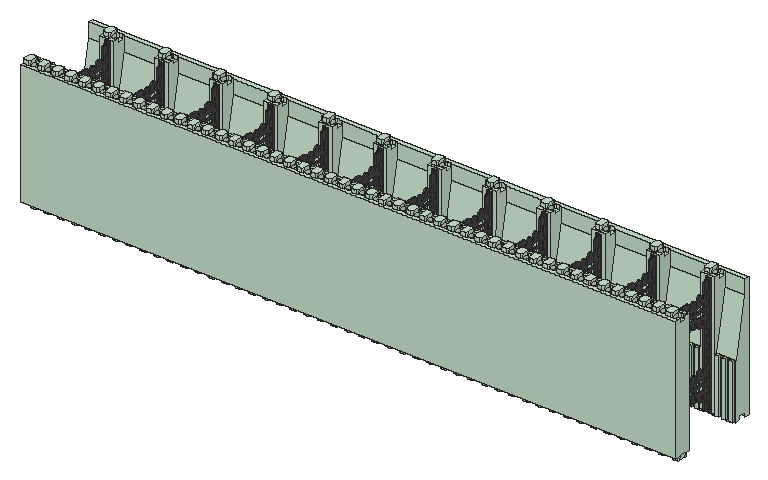
Revit family "ICF- NUDURA 8-inch- Single Sided Taper Top Form Unit- Imperial", category Generic Models, Revit 2011 (continued)
Forms (in)
  Extrusion 106, void
    sketch origin (90, -2, 0) x (-1, 0, 0) y (0, -1, 0)
      loop
        line (2, 3.97692) -> (2, 4.89808)
        arc (2, 4.89808) -> (1.95215, 5.04517) -> (1.82692, 5.13595) r 0.25
        arc (1.82692, 5.13595) -> (1.5, 5.1875) -> (1.17308, 5.13595) r 1.0625
        arc (1.17308, 5.13595) -> (1.04785, 5.04517) -> (1, 4.89808) r 0.25
    from 0 to 0.5
  Extrusion 107, void
    sketch origin (92, -2, 0) x (-1, 0, 0) y (0, -1, 0)
      loop
        line (1, 4.89808) -> (1, 3.97692)
        arc (1, 3.97692) -> (1.04785, 3.82983) -> (1.17308, 3.73905) r 0.25
        arc (1.17308, 3.73905) -> (1.42092, 3.69045) -> (1.67323, 3.70172) r 1.0625
        arc (1.67323, 3.70172) -> (1.72385, 3.68771) -> (1.74592, 3.64005) r 0.0625
        line (1.74592, 3.64005) -> (1.74592, 3.41845) -> (1.91675, 3.41845) -> (1.91675, 3.76455)
        arc (1.91675, 3.76455) -> (1.92106, 3.78736) -> (1.9334, 3.80702) r 0.0625
        arc (1.9334, 3.80702) -> (1.98276, 3.88568) -> (2, 3.97692) r 0.25
        line (2, 3.97692) -> (2, 4.89808)
        arc (2, 4.89808) -> (1.95215, 5.04517) -> (1.82692, 5.13595) r 0.25
        arc (1.82692, 5.13595) -> (1.5, 5.1875) -> (1.17308, 5.13595) r 1.0625
        arc (1.17308, 5.13595) -> (1.04785, 5.04517) -> (1, 4.89808) r 0.25
    from 0 to 0.5
  Extrusion 108, void
    sketch origin (94, -2, 0) x (-1, 0, 0) y (0, -1, 0)
      loop
        line (1, 4.89808) -> (1, 3.97692)
        arc (1, 3.97692) -> (1.04785, 3.82983) -> (1.17308, 3.73905) r 0.25
        arc (1.17308, 3.73905) -> (1.42092, 3.69045) -> (1.67323, 3.70172) r 1.0625
        arc (1.67323, 3.70172) -> (1.72385, 3.68771) -> (1.74592, 3.64005) r 0.0625
        line (1.74592, 3.64005) -> (1.74592, 3.41845) -> (1.91675, 3.41845) -> (1.91675, 3.76455)
        arc (1.91675, 3.76455) -> (1.92106, 3.78736) -> (1.9334, 3.80702) r 0.0625
        arc (1.9334, 3.80702) -> (1.98276, 3.88568) -> (2, 3.97692) r 0.25
        line (2, 3.97692) -> (2, 4.89808)
        arc (2, 4.89808) -> (1.95215, 5.04517) -> (1.82692, 5.13595) r 0.25
        arc (1.82692, 5.13595) -> (1.5, 5.1875) -> (1.17308, 5.13595) r 1.0625
        arc (1.17308, 5.13595) -> (1.04785, 5.04517) -> (1, 4.89808) r 0.25
    from 0 to 0.5
  Extrusion 109, void
    sketch origin (96, -2, 0) x (-1, 0, 0) y (0, -1, 0)
      loop
        line (1, 4.89808) -> (1, 3.97692)
        arc (1, 3.97692) -> (1.04785, 3.82983) -> (1.17308, 3.73905) r 0.25
        arc (1.17308, 3.73905) -> (1.42092, 3.69045) -> (1.67323, 3.70172) r 1.0625
        arc (1.67323, 3.70172) -> (1.72385, 3.68771) -> (1.74592, 3.64005) r 0.0625
        line (1.74592, 3.64005) -> (1.74592, 3.41845) -> (1.91675, 3.41845) -> (1.91675, 3.76455)
        arc (1.91675, 3.76455) -> (1.92106, 3.78736) -> (1.9334, 3.80702) r 0.0625
        arc (1.9334, 3.80702) -> (1.98276, 3.88568) -> (2, 3.97692) r 0.25
        line (2, 3.97692) -> (2, 4.89808)
        arc (2, 4.89808) -> (1.95215, 5.04517) -> (1.82692, 5.13595) r 0.25
        arc (1.82692, 5.13595) -> (1.5, 5.1875) -> (1.17308, 5.13595) r 1.0625
        arc (1.17308, 5.13595) -> (1.04785, 5.04517) -> (1, 4.89808) r 0.25
    from 0 to 0.5
  Extrusion 110, void
    sketch origin (94, 0, 0) x (1, 0, 0) y (0, 1, 0)
      loop
        line (1, 4.89808) -> (1, 3.97692)
        arc (1, 3.97692) -> (1.04785, 3.82983) -> (1.17308, 3.73905) r 0.25
        arc (1.17308, 3.73905) -> (1.42092, 3.69045) -> (1.67323, 3.70172) r 1.0625
        arc (1.67323, 3.70172) -> (1.72385, 3.68771) -> (1.74592, 3.64005) r 0.0625
        line (1.74592, 3.64005) -> (1.74592, 3.41845) -> (1.91675, 3.41845) -> (1.91675, 3.76455)
        arc (1.91675, 3.76455) -> (1.92106, 3.78736) -> (1.9334, 3.80702) r 0.0625
        arc (1.9334, 3.80702) -> (1.98276, 3.88568) -> (2, 3.97692) r 0.25
        line (2, 3.97692) -> (2, 4.89808)
        arc (2, 4.89808) -> (1.95215, 5.04517) -> (1.82692, 5.13595) r 0.25
        arc (1.82692, 5.13595) -> (1.5, 5.1875) -> (1.17308, 5.13595) r 1.0625
        arc (1.17308, 5.13595) -> (1.04785, 5.04517) -> (1, 4.89808) r 0.25
    from 0 to 0.5
  Extrusion 111, void
    sketch origin (92, 0, 0) x (1, 0, 0) y (0, 1, 0)
      loop
        line (1, 4.89808) -> (1, 3.97692)
        arc (1, 3.97692) -> (1.04785, 3.82983) -> (1.17308, 3.73905) r 0.25
        arc (1.17308, 3.73905) -> (1.42092, 3.69045) -> (1.67323, 3.70172) r 1.0625
        arc (1.67323, 3.70172) -> (1.72385, 3.68771) -> (1.74592, 3.64005) r 0.0625
        line (1.74592, 3.64005) -> (1.74592, 3.41845) -> (1.91675, 3.41845) -> (1.91675, 3.76455)
        arc (1.91675, 3.76455) -> (1.92106, 3.78736) -> (1.9334, 3.80702) r 0.0625
        arc (1.9334, 3.80702) -> (1.98276, 3.88568) -> (2, 3.97692) r 0.25
        line (2, 3.97692) -> (2, 4.89808)
        arc (2, 4.89808) -> (1.95215, 5.04517) -> (1.82692, 5.13595) r 0.25
        arc (1.82692, 5.13595) -> (1.5, 5.1875) -> (1.17308, 5.13595) r 1.0625
        arc (1.17308, 5.13595) -> (1.04785, 5.04517) -> (1, 4.89808) r 0.25
    from 0 to 0.5
  Extrusion 112, void
    sketch origin (90, 0, 0) x (1, 0, 0) y (0, 1, 0)
      loop
        line (1, 4.89808) -> (1, 3.97692)
        arc (1, 3.97692) -> (1.04785, 3.82983) -> (1.17308, 3.73905) r 0.25
        arc (1.17308, 3.73905) -> (1.42092, 3.69045) -> (1.67323, 3.70172) r 1.0625
        arc (1.67323, 3.70172) -> (1.72385, 3.68771) -> (1.74592, 3.64005) r 0.0625
        line (1.74592, 3.64005) -> (1.74592, 3.41845) -> (1.91675, 3.41845) -> (1.91675, 3.76455)
        arc (1.91675, 3.76455) -> (1.92106, 3.78736) -> (1.9334, 3.80702) r 0.0625
        arc (1.9334, 3.80702) -> (1.98276, 3.88568) -> (2, 3.97692) r 0.25
        line (2, 3.97692) -> (2, 4.89808)
        arc (2, 4.89808) -> (1.95215, 5.04517) -> (1.82692, 5.13595) r 0.25
        arc (1.82692, 5.13595) -> (1.5, 5.1875) -> (1.17308, 5.13595) r 1.0625
        arc (1.17308, 5.13595) -> (1.04785, 5.04517) -> (1, 4.89808) r 0.25
    from 0 to 0.5
  Extrusion 113, void
    sketch origin (88, 0, 0) x (1, 0, 0) y (0, 1, 0)
      loop
        line (1, 4.89808) -> (1, 3.97692)
        arc (1, 3.97692) -> (1.04785, 3.82983) -> (1.17308, 3.73905) r 0.25
        arc (1.17308, 3.73905) -> (1.42092, 3.69045) -> (1.67323, 3.70172) r 1.0625
        arc (1.67323, 3.70172) -> (1.72385, 3.68771) -> (1.74592, 3.64005) r 0.0625
        line (1.74592, 3.64005) -> (1.74592, 3.41845) -> (1.91675, 3.41845) -> (1.91675, 3.76455)
        arc (1.91675, 3.76455) -> (1.92106, 3.78736) -> (1.9334, 3.80702) r 0.0625
        arc (1.9334, 3.80702) -> (1.98276, 3.88568) -> (2, 3.97692) r 0.25
        line (2, 3.97692) -> (2, 4.89808)
        arc (2, 4.89808) -> (1.95215, 5.04517) -> (1.82692, 5.13595) r 0.25
        arc (1.82692, 5.13595) -> (1.5, 5.1875) -> (1.17308, 5.13595) r 1.0625
        arc (1.17308, 5.13595) -> (1.04785, 5.04517) -> (1, 4.89808) r 0.25
    from 0 to 0.5
  Extrusion 114, void
    sketch origin (86, 0, 0) x (1, 0, 0) y (0, 1, 0)
      loop
        line (1, 4.89808) -> (1, 3.97692)
        arc (1, 3.97692) -> (1.04785, 3.82983) -> (1.17308, 3.73905) r 0.25
        arc (1.17308, 3.73905) -> (1.42092, 3.69045) -> (1.67323, 3.70172) r 1.0625
        arc (1.67323, 3.70172) -> (1.72385, 3.68771) -> (1.74592, 3.64005) r 0.0625
        line (1.74592, 3.64005) -> (1.74592, 3.41845) -> (1.91675, 3.41845) -> (1.91675, 3.76455)
        arc (1.91675, 3.76455) -> (1.92106, 3.78736) -> (1.9334, 3.80702) r 0.0625
        arc (1.9334, 3.80702) -> (1.98276, 3.88568) -> (2, 3.97692) r 0.25
        line (2, 3.97692) -> (2, 4.89808)
        arc (2, 4.89808) -> (1.95215, 5.04517) -> (1.82692, 5.13595) r 0.25
        arc (1.82692, 5.13595) -> (1.5, 5.1875) -> (1.17308, 5.13595) r 1.0625
        arc (1.17308, 5.13595) -> (1.04785, 5.04517) -> (1, 4.89808) r 0.25
    from 0 to 0.5
  Extrusion 115, void
    sketch origin (84, 0, 0) x (1, 0, 0) y (0, 1, 0)
      loop
        line (1, 4.89808) -> (1, 3.97692)
        arc (1, 3.97692) -> (1.04785, 3.82983) -> (1.17308, 3.73905) r 0.25
        arc (1.17308, 3.73905) -> (1.42092, 3.69045) -> (1.67323, 3.70172) r 1.0625
        arc (1.67323, 3.70172) -> (1.72385, 3.68771) -> (1.74592, 3.64005) r 0.0625
        line (1.74592, 3.64005) -> (1.74592, 3.41845) -> (1.91675, 3.41845) -> (1.91675, 3.76455)
        arc (1.91675, 3.76455) -> (1.92106, 3.78736) -> (1.9334, 3.80702) r 0.0625
        arc (1.9334, 3.80702) -> (1.98276, 3.88568) -> (2, 3.97692) r 0.25
        line (2, 3.97692) -> (2, 4.89808)
        arc (2, 4.89808) -> (1.95215, 5.04517) -> (1.82692, 5.13595) r 0.25
        arc (1.82692, 5.13595) -> (1.5, 5.1875) -> (1.17308, 5.13595) r 1.0625
        arc (1.17308, 5.13595) -> (1.04785, 5.04517) -> (1, 4.89808) r 0.25
    from 0 to 0.5
  Extrusion 116, void
    sketch origin (82, 0, 0) x (1, 0, 0) y (0, 1, 0)
      loop
        line (1, 4.89808) -> (1, 3.97692)
        arc (1, 3.97692) -> (1.04785, 3.82983) -> (1.17308, 3.73905) r 0.25
        arc (1.17308, 3.73905) -> (1.42092, 3.69045) -> (1.67323, 3.70172) r 1.0625
        arc (1.67323, 3.70172) -> (1.72385, 3.68771) -> (1.74592, 3.64005) r 0.0625
        line (1.74592, 3.64005) -> (1.74592, 3.41845) -> (1.91675, 3.41845) -> (1.91675, 3.76455)
        arc (1.91675, 3.76455) -> (1.92106, 3.78736) -> (1.9334, 3.80702) r 0.0625
        arc (1.9334, 3.80702) -> (1.98276, 3.88568) -> (2, 3.97692) r 0.25
        line (2, 3.97692) -> (2, 4.89808)
        arc (2, 4.89808) -> (1.95215, 5.04517) -> (1.82692, 5.13595) r 0.25
        arc (1.82692, 5.13595) -> (1.5, 5.1875) -> (1.17308, 5.13595) r 1.0625
        arc (1.17308, 5.13595) -> (1.04785, 5.04517) -> (1, 4.89808) r 0.25
    from 0 to 0.5
  Extrusion 117, void
    sketch origin (80, 0, 0) x (1, 0, 0) y (0, 1, 0)
      loop
        line (1, 4.89808) -> (1, 3.97692)
        arc (1, 3.97692) -> (1.04785, 3.82983) -> (1.17308, 3.73905) r 0.25
        arc (1.17308, 3.73905) -> (1.42092, 3.69045) -> (1.67323, 3.70172) r 1.0625
        arc (1.67323, 3.70172) -> (1.72385, 3.68771) -> (1.74592, 3.64005) r 0.0625
        line (1.74592, 3.64005) -> (1.74592, 3.41845) -> (1.91675, 3.41845) -> (1.91675, 3.76455)
        arc (1.91675, 3.76455) -> (1.92106, 3.78736) -> (1.9334, 3.80702) r 0.0625
        arc (1.9334, 3.80702) -> (1.98276, 3.88568) -> (2, 3.97692) r 0.25
        line (2, 3.97692) -> (2, 4.89808)
        arc (2, 4.89808) -> (1.95215, 5.04517) -> (1.82692, 5.13595) r 0.25
        arc (1.82692, 5.13595) -> (1.5, 5.1875) -> (1.17308, 5.13595) r 1.0625
        arc (1.17308, 5.13595) -> (1.04785, 5.04517) -> (1, 4.89808) r 0.25
    from 0 to 0.5
  Extrusion 118, void
    sketch origin (78, 0, 0) x (1, 0, 0) y (0, 1, 0)
      loop
        line (1, 4.89808) -> (1, 3.97692)
        arc (1, 3.97692) -> (1.04785, 3.82983) -> (1.17308, 3.73905) r 0.25
        arc (1.17308, 3.73905) -> (1.42092, 3.69045) -> (1.67323, 3.70172) r 1.0625
        arc (1.67323, 3.70172) -> (1.72385, 3.68771) -> (1.74592, 3.64005) r 0.0625
        line (1.74592, 3.64005) -> (1.74592, 3.41845) -> (1.91675, 3.41845) -> (1.91675, 3.76455)
        arc (1.91675, 3.76455) -> (1.92106, 3.78736) -> (1.9334, 3.80702) r 0.0625
        arc (1.9334, 3.80702) -> (1.98276, 3.88568) -> (2, 3.97692) r 0.25
        line (2, 3.97692) -> (2, 4.89808)
        arc (2, 4.89808) -> (1.95215, 5.04517) -> (1.82692, 5.13595) r 0.25
        arc (1.82692, 5.13595) -> (1.5, 5.1875) -> (1.17308, 5.13595) r 1.0625
        arc (1.17308, 5.13595) -> (1.04785, 5.04517) -> (1, 4.89808) r 0.25
    from 0 to 0.5
  Extrusion 119, void
    sketch origin (76, 0, 0) x (1, 0, 0) y (0, 1, 0)
      loop
        line (1, 4.89808) -> (1, 3.97692)
        arc (1, 3.97692) -> (1.04785, 3.82983) -> (1.17308, 3.73905) r 0.25
        arc (1.17308, 3.73905) -> (1.42092, 3.69045) -> (1.67323, 3.70172) r 1.0625
        arc (1.67323, 3.70172) -> (1.72385, 3.68771) -> (1.74592, 3.64005) r 0.0625
        line (1.74592, 3.64005) -> (1.74592, 3.41845) -> (1.91675, 3.41845) -> (1.91675, 3.76455)
        arc (1.91675, 3.76455) -> (1.92106, 3.78736) -> (1.9334, 3.80702) r 0.0625
        arc (1.9334, 3.80702) -> (1.98276, 3.88568) -> (2, 3.97692) r 0.25
        line (2, 3.97692) -> (2, 4.89808)
        arc (2, 4.89808) -> (1.95215, 5.04517) -> (1.82692, 5.13595) r 0.25
        arc (1.82692, 5.13595) -> (1.5, 5.1875) -> (1.17308, 5.13595) r 1.0625
        arc (1.17308, 5.13595) -> (1.04785, 5.04517) -> (1, 4.89808) r 0.25
    from 0 to 0.5
  Extrusion 120, void
    sketch origin (74, 0, 0) x (1, 0, 0) y (0, 1, 0)
      loop
        line (1, 4.89808) -> (1, 3.97692)
        arc (1, 3.97692) -> (1.04785, 3.82983) -> (1.17308, 3.73905) r 0.25
        arc (1.17308, 3.73905) -> (1.42092, 3.69045) -> (1.67323, 3.70172) r 1.0625
        arc (1.67323, 3.70172) -> (1.72385, 3.68771) -> (1.74592, 3.64005) r 0.0625
        line (1.74592, 3.64005) -> (1.74592, 3.41845) -> (1.91675, 3.41845) -> (1.91675, 3.76455)
        arc (1.91675, 3.76455) -> (1.92106, 3.78736) -> (1.9334, 3.80702) r 0.0625
        arc (1.9334, 3.80702) -> (1.98276, 3.88568) -> (2, 3.97692) r 0.25
        line (2, 3.97692) -> (2, 4.89808)
        arc (2, 4.89808) -> (1.95215, 5.04517) -> (1.82692, 5.13595) r 0.25
        arc (1.82692, 5.13595) -> (1.5, 5.1875) -> (1.17308, 5.13595) r 1.0625
        arc (1.17308, 5.13595) -> (1.04785, 5.04517) -> (1, 4.89808) r 0.25
    from 0 to 0.5
  Extrusion 121, void
    sketch origin (72, 0, 0) x (1, 0, 0) y (0, 1, 0)
      loop
        line (1, 4.89808) -> (1, 3.97692)
        arc (1, 3.97692) -> (1.04785, 3.82983) -> (1.17308, 3.73905) r 0.25
        arc (1.17308, 3.73905) -> (1.42092, 3.69045) -> (1.67323, 3.70172) r 1.0625
        arc (1.67323, 3.70172) -> (1.72385, 3.68771) -> (1.74592, 3.64005) r 0.0625
        line (1.74592, 3.64005) -> (1.74592, 3.41845) -> (1.91675, 3.41845) -> (1.91675, 3.76455)
        arc (1.91675, 3.76455) -> (1.92106, 3.78736) -> (1.9334, 3.80702) r 0.0625
        arc (1.9334, 3.80702) -> (1.98276, 3.88568) -> (2, 3.97692) r 0.25
        line (2, 3.97692) -> (2, 4.89808)
        arc (2, 4.89808) -> (1.95215, 5.04517) -> (1.82692, 5.13595) r 0.25
        arc (1.82692, 5.13595) -> (1.5, 5.1875) -> (1.17308, 5.13595) r 1.0625
        arc (1.17308, 5.13595) -> (1.04785, 5.04517) -> (1, 4.89808) r 0.25
    from 0 to 0.5
  Extrusion 122, void
    sketch origin (70, 0, 0) x (1, 0, 0) y (0, 1, 0)
      loop
        line (1, 4.89808) -> (1, 3.97692)
        arc (1, 3.97692) -> (1.04785, 3.82983) -> (1.17308, 3.73905) r 0.25
        arc (1.17308, 3.73905) -> (1.42092, 3.69045) -> (1.67323, 3.70172) r 1.0625
        arc (1.67323, 3.70172) -> (1.72385, 3.68771) -> (1.74592, 3.64005) r 0.0625
        line (1.74592, 3.64005) -> (1.74592, 3.41845) -> (1.91675, 3.41845) -> (1.91675, 3.76455)
        arc (1.91675, 3.76455) -> (1.92106, 3.78736) -> (1.9334, 3.80702) r 0.0625
        arc (1.9334, 3.80702) -> (1.98276, 3.88568) -> (2, 3.97692) r 0.25
        line (2, 3.97692) -> (2, 4.89808)
        arc (2, 4.89808) -> (1.95215, 5.04517) -> (1.82692, 5.13595) r 0.25
        arc (1.82692, 5.13595) -> (1.5, 5.1875) -> (1.17308, 5.13595) r 1.0625
        arc (1.17308, 5.13595) -> (1.04785, 5.04517) -> (1, 4.89808) r 0.25
    from 0 to 0.5
  Extrusion 123, void
    sketch origin (68, 0, 0) x (1, 0, 0) y (0, 1, 0)
      loop
        line (1, 4.89808) -> (1, 3.97692)
        arc (1, 3.97692) -> (1.04785, 3.82983) -> (1.17308, 3.73905) r 0.25
        arc (1.17308, 3.73905) -> (1.42092, 3.69045) -> (1.67323, 3.70172) r 1.0625
        arc (1.67323, 3.70172) -> (1.72385, 3.68771) -> (1.74592, 3.64005) r 0.0625
        line (1.74592, 3.64005) -> (1.74592, 3.41845) -> (1.91675, 3.41845) -> (1.91675, 3.76455)
        arc (1.91675, 3.76455) -> (1.92106, 3.78736) -> (1.9334, 3.80702) r 0.0625
        arc (1.9334, 3.80702) -> (1.98276, 3.88568) -> (2, 3.97692) r 0.25
        line (2, 3.97692) -> (2, 4.89808)
        arc (2, 4.89808) -> (1.95215, 5.04517) -> (1.82692, 5.13595) r 0.25
        arc (1.82692, 5.13595) -> (1.5, 5.1875) -> (1.17308, 5.13595) r 1.0625
        arc (1.17308, 5.13595) -> (1.04785, 5.04517) -> (1, 4.89808) r 0.25
    from 0 to 0.5
  Extrusion 124, void
    sketch origin (66, 0, 0) x (1, 0, 0) y (0, 1, 0)
      loop
        line (1, 4.89808) -> (1, 3.97692)
        arc (1, 3.97692) -> (1.04785, 3.82983) -> (1.17308, 3.73905) r 0.25
        arc (1.17308, 3.73905) -> (1.42092, 3.69045) -> (1.67323, 3.70172) r 1.0625
        arc (1.67323, 3.70172) -> (1.72385, 3.68771) -> (1.74592, 3.64005) r 0.0625
        line (1.74592, 3.64005) -> (1.74592, 3.41845) -> (1.91675, 3.41845) -> (1.91675, 3.76455)
        arc (1.91675, 3.76455) -> (1.92106, 3.78736) -> (1.9334, 3.80702) r 0.0625
        arc (1.9334, 3.80702) -> (1.98276, 3.88568) -> (2, 3.97692) r 0.25
        line (2, 3.97692) -> (2, 4.89808)
        arc (2, 4.89808) -> (1.95215, 5.04517) -> (1.82692, 5.13595) r 0.25
        arc (1.82692, 5.13595) -> (1.5, 5.1875) -> (1.17308, 5.13595) r 1.0625
        arc (1.17308, 5.13595) -> (1.04785, 5.04517) -> (1, 4.89808) r 0.25
    from 0 to 0.5
  Extrusion 125, void
    sketch origin (64, 0, 0) x (1, 0, 0) y (0, 1, 0)
      loop
        line (1, 4.89808) -> (1, 3.97692)
        arc (1, 3.97692) -> (1.04785, 3.82983) -> (1.17308, 3.73905) r 0.25
        arc (1.17308, 3.73905) -> (1.42092, 3.69045) -> (1.67323, 3.70172) r 1.0625
        arc (1.67323, 3.70172) -> (1.72385, 3.68771) -> (1.74592, 3.64005) r 0.0625
        line (1.74592, 3.64005) -> (1.74592, 3.41845) -> (1.91675, 3.41845) -> (1.91675, 3.76455)
        arc (1.91675, 3.76455) -> (1.92106, 3.78736) -> (1.9334, 3.80702) r 0.0625
        arc (1.9334, 3.80702) -> (1.98276, 3.88568) -> (2, 3.97692) r 0.25
        line (2, 3.97692) -> (2, 4.89808)
        arc (2, 4.89808) -> (1.95215, 5.04517) -> (1.82692, 5.13595) r 0.25
        arc (1.82692, 5.13595) -> (1.5, 5.1875) -> (1.17308, 5.13595) r 1.0625
        arc (1.17308, 5.13595) -> (1.04785, 5.04517) -> (1, 4.89808) r 0.25
    from 0 to 0.5
  Extrusion 126, void
    sketch origin (62, 0, 0) x (1, 0, 0) y (0, 1, 0)
      loop
        line (1, 4.89808) -> (1, 3.97692)
        arc (1, 3.97692) -> (1.04785, 3.82983) -> (1.17308, 3.73905) r 0.25
        arc (1.17308, 3.73905) -> (1.42092, 3.69045) -> (1.67323, 3.70172) r 1.0625
        arc (1.67323, 3.70172) -> (1.72385, 3.68771) -> (1.74592, 3.64005) r 0.0625
        line (1.74592, 3.64005) -> (1.74592, 3.41845) -> (1.91675, 3.41845) -> (1.91675, 3.76455)
        arc (1.91675, 3.76455) -> (1.92106, 3.78736) -> (1.9334, 3.80702) r 0.0625
        arc (1.9334, 3.80702) -> (1.98276, 3.88568) -> (2, 3.97692) r 0.25
        line (2, 3.97692) -> (2, 4.89808)
        arc (2, 4.89808) -> (1.95215, 5.04517) -> (1.82692, 5.13595) r 0.25
        arc (1.82692, 5.13595) -> (1.5, 5.1875) -> (1.17308, 5.13595) r 1.0625
        arc (1.17308, 5.13595) -> (1.04785, 5.04517) -> (1, 4.89808) r 0.25
    from 0 to 0.5
  Extrusion 127, void
    sketch origin (60, 0, 0) x (1, 0, 0) y (0, 1, 0)
      loop
        line (1, 4.89808) -> (1, 3.97692)
        arc (1, 3.97692) -> (1.04785, 3.82983) -> (1.17308, 3.73905) r 0.25
        arc (1.17308, 3.73905) -> (1.42092, 3.69045) -> (1.67323, 3.70172) r 1.0625
        arc (1.67323, 3.70172) -> (1.72385, 3.68771) -> (1.74592, 3.64005) r 0.0625
        line (1.74592, 3.64005) -> (1.74592, 3.41845) -> (1.91675, 3.41845) -> (1.91675, 3.76455)
        arc (1.91675, 3.76455) -> (1.92106, 3.78736) -> (1.9334, 3.80702) r 0.0625
        arc (1.9334, 3.80702) -> (1.98276, 3.88568) -> (2, 3.97692) r 0.25
        line (2, 3.97692) -> (2, 4.89808)
        arc (2, 4.89808) -> (1.95215, 5.04517) -> (1.82692, 5.13595) r 0.25
        arc (1.82692, 5.13595) -> (1.5, 5.1875) -> (1.17308, 5.13595) r 1.0625
        arc (1.17308, 5.13595) -> (1.04785, 5.04517) -> (1, 4.89808) r 0.25
    from 0 to 0.5
  Extrusion 128, void
    sketch origin (58, 0, 0) x (1, 0, 0) y (0, 1, 0)
      loop
        line (1, 4.89808) -> (1, 3.97692)
        arc (1, 3.97692) -> (1.04785, 3.82983) -> (1.17308, 3.73905) r 0.25
        arc (1.17308, 3.73905) -> (1.42092, 3.69045) -> (1.67323, 3.70172) r 1.0625
        arc (1.67323, 3.70172) -> (1.72385, 3.68771) -> (1.74592, 3.64005) r 0.0625
        line (1.74592, 3.64005) -> (1.74592, 3.41845) -> (1.91675, 3.41845) -> (1.91675, 3.76455)
        arc (1.91675, 3.76455) -> (1.92106, 3.78736) -> (1.9334, 3.80702) r 0.0625
        arc (1.9334, 3.80702) -> (1.98276, 3.88568) -> (2, 3.97692) r 0.25
        line (2, 3.97692) -> (2, 4.89808)
        arc (2, 4.89808) -> (1.95215, 5.04517) -> (1.82692, 5.13595) r 0.25
        arc (1.82692, 5.13595) -> (1.5, 5.1875) -> (1.17308, 5.13595) r 1.0625
        arc (1.17308, 5.13595) -> (1.04785, 5.04517) -> (1, 4.89808) r 0.25
    from 0 to 0.5
  Extrusion 129, void
    sketch origin (56, 0, 0) x (1, 0, 0) y (0, 1, 0)
      loop
        line (1, 4.89808) -> (1, 3.97692)
        arc (1, 3.97692) -> (1.04785, 3.82983) -> (1.17308, 3.73905) r 0.25
        arc (1.17308, 3.73905) -> (1.42092, 3.69045) -> (1.67323, 3.70172) r 1.0625
        arc (1.67323, 3.70172) -> (1.72385, 3.68771) -> (1.74592, 3.64005) r 0.0625
        line (1.74592, 3.64005) -> (1.74592, 3.41845) -> (1.91675, 3.41845) -> (1.91675, 3.76455)
        arc (1.91675, 3.76455) -> (1.92106, 3.78736) -> (1.9334, 3.80702) r 0.0625
        arc (1.9334, 3.80702) -> (1.98276, 3.88568) -> (2, 3.97692) r 0.25
        line (2, 3.97692) -> (2, 4.89808)
        arc (2, 4.89808) -> (1.95215, 5.04517) -> (1.82692, 5.13595) r 0.25
        arc (1.82692, 5.13595) -> (1.5, 5.1875) -> (1.17308, 5.13595) r 1.0625
        arc (1.17308, 5.13595) -> (1.04785, 5.04517) -> (1, 4.89808) r 0.25
    from 0 to 0.5
  Extrusion 130, void
    sketch origin (54, 0, 0) x (1, 0, 0) y (0, 1, 0)
      loop
        line (1, 4.89808) -> (1, 3.97692)
        arc (1, 3.97692) -> (1.04785, 3.82983) -> (1.17308, 3.73905) r 0.25
        arc (1.17308, 3.73905) -> (1.42092, 3.69045) -> (1.67323, 3.70172) r 1.0625
        arc (1.67323, 3.70172) -> (1.72385, 3.68771) -> (1.74592, 3.64005) r 0.0625
        line (1.74592, 3.64005) -> (1.74592, 3.41845) -> (1.91675, 3.41845) -> (1.91675, 3.76455)
        arc (1.91675, 3.76455) -> (1.92106, 3.78736) -> (1.9334, 3.80702) r 0.0625
        arc (1.9334, 3.80702) -> (1.98276, 3.88568) -> (2, 3.97692) r 0.25
        line (2, 3.97692) -> (2, 4.89808)
        arc (2, 4.89808) -> (1.95215, 5.04517) -> (1.82692, 5.13595) r 0.25
        arc (1.82692, 5.13595) -> (1.5, 5.1875) -> (1.17308, 5.13595) r 1.0625
        arc (1.17308, 5.13595) -> (1.04785, 5.04517) -> (1, 4.89808) r 0.25
    from 0 to 0.5
  Extrusion 131, void
    sketch origin (52, 0, 0) x (1, 0, 0) y (0, 1, 0)
      loop
        line (1, 4.89808) -> (1, 3.97692)
        arc (1, 3.97692) -> (1.04785, 3.82983) -> (1.17308, 3.73905) r 0.25
        arc (1.17308, 3.73905) -> (1.42092, 3.69045) -> (1.67323, 3.70172) r 1.0625
        arc (1.67323, 3.70172) -> (1.72385, 3.68771) -> (1.74592, 3.64005) r 0.0625
        line (1.74592, 3.64005) -> (1.74592, 3.41845) -> (1.91675, 3.41845) -> (1.91675, 3.76455)
        arc (1.91675, 3.76455) -> (1.92106, 3.78736) -> (1.9334, 3.80702) r 0.0625
        arc (1.9334, 3.80702) -> (1.98276, 3.88568) -> (2, 3.97692) r 0.25
        line (2, 3.97692) -> (2, 4.89808)
        arc (2, 4.89808) -> (1.95215, 5.04517) -> (1.82692, 5.13595) r 0.25
        arc (1.82692, 5.13595) -> (1.5, 5.1875) -> (1.17308, 5.13595) r 1.0625
        arc (1.17308, 5.13595) -> (1.04785, 5.04517) -> (1, 4.89808) r 0.25
    from 0 to 0.5
  Extrusion 132, void
    sketch origin (50, 0, 0) x (1, 0, 0) y (0, 1, 0)
      loop
        line (1, 4.89808) -> (1, 3.97692)
        arc (1, 3.97692) -> (1.04785, 3.82983) -> (1.17308, 3.73905) r 0.25
        arc (1.17308, 3.73905) -> (1.42092, 3.69045) -> (1.67323, 3.70172) r 1.0625
        arc (1.67323, 3.70172) -> (1.72385, 3.68771) -> (1.74592, 3.64005) r 0.0625
        line (1.74592, 3.64005) -> (1.74592, 3.41845) -> (1.91675, 3.41845) -> (1.91675, 3.76455)
        arc (1.91675, 3.76455) -> (1.92106, 3.78736) -> (1.9334, 3.80702) r 0.0625
        arc (1.9334, 3.80702) -> (1.98276, 3.88568) -> (2, 3.97692) r 0.25
        line (2, 3.97692) -> (2, 4.89808)
        arc (2, 4.89808) -> (1.95215, 5.04517) -> (1.82692, 5.13595) r 0.25
        arc (1.82692, 5.13595) -> (1.5, 5.1875) -> (1.17308, 5.13595) r 1.0625
        arc (1.17308, 5.13595) -> (1.04785, 5.04517) -> (1, 4.89808) r 0.25
    from 0 to 0.5
  Extrusion 133, void
    sketch origin (48, 0, 0) x (1, 0, 0) y (0, 1, 0)
      loop
        line (1, 4.89808) -> (1, 3.97692)
        arc (1, 3.97692) -> (1.04785, 3.82983) -> (1.17308, 3.73905) r 0.25
        arc (1.17308, 3.73905) -> (1.42092, 3.69045) -> (1.67323, 3.70172) r 1.0625
        arc (1.67323, 3.70172) -> (1.72385, 3.68771) -> (1.74592, 3.64005) r 0.0625
        line (1.74592, 3.64005) -> (1.74592, 3.41845) -> (1.91675, 3.41845) -> (1.91675, 3.76455)
        arc (1.91675, 3.76455) -> (1.92106, 3.78736) -> (1.9334, 3.80702) r 0.0625
        arc (1.9334, 3.80702) -> (1.98276, 3.88568) -> (2, 3.97692) r 0.25
        line (2, 3.97692) -> (2, 4.89808)
        arc (2, 4.89808) -> (1.95215, 5.04517) -> (1.82692, 5.13595) r 0.25
        arc (1.82692, 5.13595) -> (1.5, 5.1875) -> (1.17308, 5.13595) r 1.0625
        arc (1.17308, 5.13595) -> (1.04785, 5.04517) -> (1, 4.89808) r 0.25
    from 0 to 0.5
  Extrusion 134, void
    sketch origin (46, 0, 0) x (1, 0, 0) y (0, 1, 0)
      loop
        line (1, 4.89808) -> (1, 3.97692)
        arc (1, 3.97692) -> (1.04785, 3.82983) -> (1.17308, 3.73905) r 0.25
        arc (1.17308, 3.73905) -> (1.42092, 3.69045) -> (1.67323, 3.70172) r 1.0625
        arc (1.67323, 3.70172) -> (1.72385, 3.68771) -> (1.74592, 3.64005) r 0.0625
        line (1.74592, 3.64005) -> (1.74592, 3.41845) -> (1.91675, 3.41845) -> (1.91675, 3.76455)
        arc (1.91675, 3.76455) -> (1.92106, 3.78736) -> (1.9334, 3.80702) r 0.0625
        arc (1.9334, 3.80702) -> (1.98276, 3.88568) -> (2, 3.97692) r 0.25
        line (2, 3.97692) -> (2, 4.89808)
        arc (2, 4.89808) -> (1.95215, 5.04517) -> (1.82692, 5.13595) r 0.25
        arc (1.82692, 5.13595) -> (1.5, 5.1875) -> (1.17308, 5.13595) r 1.0625
        arc (1.17308, 5.13595) -> (1.04785, 5.04517) -> (1, 4.89808) r 0.25
    from 0 to 0.5
  Extrusion 135, void
    sketch origin (44, 0, 0) x (1, 0, 0) y (0, 1, 0)
      loop
        line (1, 4.89808) -> (1, 3.97692)
        arc (1, 3.97692) -> (1.04785, 3.82983) -> (1.17308, 3.73905) r 0.25
        arc (1.17308, 3.73905) -> (1.42092, 3.69045) -> (1.67323, 3.70172) r 1.0625
        arc (1.67323, 3.70172) -> (1.72385, 3.68771) -> (1.74592, 3.64005) r 0.0625
        line (1.74592, 3.64005) -> (1.74592, 3.41845) -> (1.91675, 3.41845) -> (1.91675, 3.76455)
        arc (1.91675, 3.76455) -> (1.92106, 3.78736) -> (1.9334, 3.80702) r 0.0625
        arc (1.9334, 3.80702) -> (1.98276, 3.88568) -> (2, 3.97692) r 0.25
        line (2, 3.97692) -> (2, 4.89808)
        arc (2, 4.89808) -> (1.95215, 5.04517) -> (1.82692, 5.13595) r 0.25
        arc (1.82692, 5.13595) -> (1.5, 5.1875) -> (1.17308, 5.13595) r 1.0625
        arc (1.17308, 5.13595) -> (1.04785, 5.04517) -> (1, 4.89808) r 0.25
    from 0 to 0.5
  Extrusion 136, void
    sketch origin (42, 0, 0) x (1, 0, 0) y (0, 1, 0)
      loop
        line (1, 4.89808) -> (1, 3.97692)
        arc (1, 3.97692) -> (1.04785, 3.82983) -> (1.17308, 3.73905) r 0.25
        arc (1.17308, 3.73905) -> (1.42092, 3.69045) -> (1.67323, 3.70172) r 1.0625
        arc (1.67323, 3.70172) -> (1.72385, 3.68771) -> (1.74592, 3.64005) r 0.0625
        line (1.74592, 3.64005) -> (1.74592, 3.41845) -> (1.91675, 3.41845) -> (1.91675, 3.76455)
        arc (1.91675, 3.76455) -> (1.92106, 3.78736) -> (1.9334, 3.80702) r 0.0625
        arc (1.9334, 3.80702) -> (1.98276, 3.88568) -> (2, 3.97692) r 0.25
        line (2, 3.97692) -> (2, 4.89808)
        arc (2, 4.89808) -> (1.95215, 5.04517) -> (1.82692, 5.13595) r 0.25
        arc (1.82692, 5.13595) -> (1.5, 5.1875) -> (1.17308, 5.13595) r 1.0625
        arc (1.17308, 5.13595) -> (1.04785, 5.04517) -> (1, 4.89808) r 0.25
    from 0 to 0.5
  Extrusion 137, void
    sketch origin (40, 0, 0) x (1, 0, 0) y (0, 1, 0)
      loop
        line (1, 4.89808) -> (1, 3.97692)
        arc (1, 3.97692) -> (1.04785, 3.82983) -> (1.17308, 3.73905) r 0.25
        arc (1.17308, 3.73905) -> (1.42092, 3.69045) -> (1.67323, 3.70172) r 1.0625
        arc (1.67323, 3.70172) -> (1.72385, 3.68771) -> (1.74592, 3.64005) r 0.0625
        line (1.74592, 3.64005) -> (1.74592, 3.41845) -> (1.91675, 3.41845) -> (1.91675, 3.76455)
        arc (1.91675, 3.76455) -> (1.92106, 3.78736) -> (1.9334, 3.80702) r 0.0625
        arc (1.9334, 3.80702) -> (1.98276, 3.88568) -> (2, 3.97692) r 0.25
        line (2, 3.97692) -> (2, 4.89808)
        arc (2, 4.89808) -> (1.95215, 5.04517) -> (1.82692, 5.13595) r 0.25
        arc (1.82692, 5.13595) -> (1.5, 5.1875) -> (1.17308, 5.13595) r 1.0625
        arc (1.17308, 5.13595) -> (1.04785, 5.04517) -> (1, 4.89808) r 0.25
    from 0 to 0.5
  Extrusion 138, void
    sketch origin (38, 0, 0) x (1, 0, 0) y (0, 1, 0)
      loop
        line (1, 4.89808) -> (1, 3.97692)
        arc (1, 3.97692) -> (1.04785, 3.82983) -> (1.17308, 3.73905) r 0.25
        arc (1.17308, 3.73905) -> (1.42092, 3.69045) -> (1.67323, 3.70172) r 1.0625
        arc (1.67323, 3.70172) -> (1.72385, 3.68771) -> (1.74592, 3.64005) r 0.0625
        line (1.74592, 3.64005) -> (1.74592, 3.41845) -> (1.91675, 3.41845) -> (1.91675, 3.76455)
        arc (1.91675, 3.76455) -> (1.92106, 3.78736) -> (1.9334, 3.80702) r 0.0625
        arc (1.9334, 3.80702) -> (1.98276, 3.88568) -> (2, 3.97692) r 0.25
        line (2, 3.97692) -> (2, 4.89808)
        arc (2, 4.89808) -> (1.95215, 5.04517) -> (1.82692, 5.13595) r 0.25
        arc (1.82692, 5.13595) -> (1.5, 5.1875) -> (1.17308, 5.13595) r 1.0625
        arc (1.17308, 5.13595) -> (1.04785, 5.04517) -> (1, 4.89808) r 0.25
    from 0 to 0.5
  Extrusion 139, void
    sketch origin (36, 0, 0) x (1, 0, 0) y (0, 1, 0)
      loop
        line (1, 4.89808) -> (1, 3.97692)
        arc (1, 3.97692) -> (1.04785, 3.82983) -> (1.17308, 3.73905) r 0.25
        arc (1.17308, 3.73905) -> (1.42092, 3.69045) -> (1.67323, 3.70172) r 1.0625
        arc (1.67323, 3.70172) -> (1.72385, 3.68771) -> (1.74592, 3.64005) r 0.0625
        line (1.74592, 3.64005) -> (1.74592, 3.41845) -> (1.91675, 3.41845) -> (1.91675, 3.76455)
        arc (1.91675, 3.76455) -> (1.92106, 3.78736) -> (1.9334, 3.80702) r 0.0625
        arc (1.9334, 3.80702) -> (1.98276, 3.88568) -> (2, 3.97692) r 0.25
        line (2, 3.97692) -> (2, 4.89808)
        arc (2, 4.89808) -> (1.95215, 5.04517) -> (1.82692, 5.13595) r 0.25
        arc (1.82692, 5.13595) -> (1.5, 5.1875) -> (1.17308, 5.13595) r 1.0625
        arc (1.17308, 5.13595) -> (1.04785, 5.04517) -> (1, 4.89808) r 0.25
    from 0 to 0.5
  Extrusion 140, void
    sketch origin (34, 0, 0) x (1, 0, 0) y (0, 1, 0)
      loop
        line (1, 4.89808) -> (1, 3.97692)
        arc (1, 3.97692) -> (1.04785, 3.82983) -> (1.17308, 3.73905) r 0.25
        arc (1.17308, 3.73905) -> (1.42092, 3.69045) -> (1.67323, 3.70172) r 1.0625
        arc (1.67323, 3.70172) -> (1.72385, 3.68771) -> (1.74592, 3.64005) r 0.0625
        line (1.74592, 3.64005) -> (1.74592, 3.41845) -> (1.91675, 3.41845) -> (1.91675, 3.76455)
        arc (1.91675, 3.76455) -> (1.92106, 3.78736) -> (1.9334, 3.80702) r 0.0625
        arc (1.9334, 3.80702) -> (1.98276, 3.88568) -> (2, 3.97692) r 0.25
        line (2, 3.97692) -> (2, 4.89808)
        arc (2, 4.89808) -> (1.95215, 5.04517) -> (1.82692, 5.13595) r 0.25
        arc (1.82692, 5.13595) -> (1.5, 5.1875) -> (1.17308, 5.13595) r 1.0625
        arc (1.17308, 5.13595) -> (1.04785, 5.04517) -> (1, 4.89808) r 0.25
    from 0 to 0.5
  Extrusion 141, void
    sketch origin (32, 0, 0) x (1, 0, 0) y (0, 1, 0)
      loop
        line (1, 4.89808) -> (1, 3.97692)
        arc (1, 3.97692) -> (1.04785, 3.82983) -> (1.17308, 3.73905) r 0.25
        arc (1.17308, 3.73905) -> (1.42092, 3.69045) -> (1.67323, 3.70172) r 1.0625
        arc (1.67323, 3.70172) -> (1.72385, 3.68771) -> (1.74592, 3.64005) r 0.0625
        line (1.74592, 3.64005) -> (1.74592, 3.41845) -> (1.91675, 3.41845) -> (1.91675, 3.76455)
        arc (1.91675, 3.76455) -> (1.92106, 3.78736) -> (1.9334, 3.80702) r 0.0625
        arc (1.9334, 3.80702) -> (1.98276, 3.88568) -> (2, 3.97692) r 0.25
        line (2, 3.97692) -> (2, 4.89808)
        arc (2, 4.89808) -> (1.95215, 5.04517) -> (1.82692, 5.13595) r 0.25
        arc (1.82692, 5.13595) -> (1.5, 5.1875) -> (1.17308, 5.13595) r 1.0625
        arc (1.17308, 5.13595) -> (1.04785, 5.04517) -> (1, 4.89808) r 0.25
    from 0 to 0.5
  Extrusion 142, void
    sketch origin (30, 0, 0) x (1, 0, 0) y (0, 1, 0)
      loop
        line (1, 4.89808) -> (1, 3.97692)
        arc (1, 3.97692) -> (1.04785, 3.82983) -> (1.17308, 3.73905) r 0.25
        arc (1.17308, 3.73905) -> (1.42092, 3.69045) -> (1.67323, 3.70172) r 1.0625
        arc (1.67323, 3.70172) -> (1.72385, 3.68771) -> (1.74592, 3.64005) r 0.0625
        line (1.74592, 3.64005) -> (1.74592, 3.41845) -> (1.91675, 3.41845) -> (1.91675, 3.76455)
        arc (1.91675, 3.76455) -> (1.92106, 3.78736) -> (1.9334, 3.80702) r 0.0625
        arc (1.9334, 3.80702) -> (1.98276, 3.88568) -> (2, 3.97692) r 0.25
        line (2, 3.97692) -> (2, 4.89808)
        arc (2, 4.89808) -> (1.95215, 5.04517) -> (1.82692, 5.13595) r 0.25
        arc (1.82692, 5.13595) -> (1.5, 5.1875) -> (1.17308, 5.13595) r 1.0625
        arc (1.17308, 5.13595) -> (1.04785, 5.04517) -> (1, 4.89808) r 0.25
    from 0 to 0.5
  Extrusion 143, void
    sketch origin (28, 0, 0) x (1, 0, 0) y (0, 1, 0)
      loop
        line (1, 4.89808) -> (1, 3.97692)
        arc (1, 3.97692) -> (1.04785, 3.82983) -> (1.17308, 3.73905) r 0.25
        arc (1.17308, 3.73905) -> (1.42092, 3.69045) -> (1.67323, 3.70172) r 1.0625
        arc (1.67323, 3.70172) -> (1.72385, 3.68771) -> (1.74592, 3.64005) r 0.0625
        line (1.74592, 3.64005) -> (1.74592, 3.41845) -> (1.91675, 3.41845) -> (1.91675, 3.76455)
        arc (1.91675, 3.76455) -> (1.92106, 3.78736) -> (1.9334, 3.80702) r 0.0625
        arc (1.9334, 3.80702) -> (1.98276, 3.88568) -> (2, 3.97692) r 0.25
        line (2, 3.97692) -> (2, 4.89808)
        arc (2, 4.89808) -> (1.95215, 5.04517) -> (1.82692, 5.13595) r 0.25
        arc (1.82692, 5.13595) -> (1.5, 5.1875) -> (1.17308, 5.13595) r 1.0625
        arc (1.17308, 5.13595) -> (1.04785, 5.04517) -> (1, 4.89808) r 0.25
    from 0 to 0.5
  Extrusion 144, void
    sketch origin (26, 0, 0) x (1, 0, 0) y (0, 1, 0)
      loop
        line (1, 4.89808) -> (1, 3.97692)
        arc (1, 3.97692) -> (1.04785, 3.82983) -> (1.17308, 3.73905) r 0.25
        arc (1.17308, 3.73905) -> (1.42092, 3.69045) -> (1.67323, 3.70172) r 1.0625
        arc (1.67323, 3.70172) -> (1.72385, 3.68771) -> (1.74592, 3.64005) r 0.0625
        line (1.74592, 3.64005) -> (1.74592, 3.41845) -> (1.91675, 3.41845) -> (1.91675, 3.76455)
        arc (1.91675, 3.76455) -> (1.92106, 3.78736) -> (1.9334, 3.80702) r 0.0625
        arc (1.9334, 3.80702) -> (1.98276, 3.88568) -> (2, 3.97692) r 0.25
        line (2, 3.97692) -> (2, 4.89808)
        arc (2, 4.89808) -> (1.95215, 5.04517) -> (1.82692, 5.13595) r 0.25
        arc (1.82692, 5.13595) -> (1.5, 5.1875) -> (1.17308, 5.13595) r 1.0625
        arc (1.17308, 5.13595) -> (1.04785, 5.04517) -> (1, 4.89808) r 0.25
    from 0 to 0.5
  Extrusion 145, void
    sketch origin (24, 0, 0) x (1, 0, 0) y (0, 1, 0)
      loop
        line (1, 4.89808) -> (1, 3.97692)
        arc (1, 3.97692) -> (1.04785, 3.82983) -> (1.17308, 3.73905) r 0.25
        arc (1.17308, 3.73905) -> (1.42092, 3.69045) -> (1.67323, 3.70172) r 1.0625
        arc (1.67323, 3.70172) -> (1.72385, 3.68771) -> (1.74592, 3.64005) r 0.0625
        line (1.74592, 3.64005) -> (1.74592, 3.41845) -> (1.91675, 3.41845) -> (1.91675, 3.76455)
        arc (1.91675, 3.76455) -> (1.92106, 3.78736) -> (1.9334, 3.80702) r 0.0625
        arc (1.9334, 3.80702) -> (1.98276, 3.88568) -> (2, 3.97692) r 0.25
        line (2, 3.97692) -> (2, 4.89808)
        arc (2, 4.89808) -> (1.95215, 5.04517) -> (1.82692, 5.13595) r 0.25
        arc (1.82692, 5.13595) -> (1.5, 5.1875) -> (1.17308, 5.13595) r 1.0625
        arc (1.17308, 5.13595) -> (1.04785, 5.04517) -> (1, 4.89808) r 0.25
    from 0 to 0.5
  Extrusion 146, void
    sketch origin (22, 0, 0) x (1, 0, 0) y (0, 1, 0)
      loop
        line (1, 4.89808) -> (1, 3.97692)
        arc (1, 3.97692) -> (1.04785, 3.82983) -> (1.17308, 3.73905) r 0.25
        arc (1.17308, 3.73905) -> (1.42092, 3.69045) -> (1.67323, 3.70172) r 1.0625
        arc (1.67323, 3.70172) -> (1.72385, 3.68771) -> (1.74592, 3.64005) r 0.0625
        line (1.74592, 3.64005) -> (1.74592, 3.41845) -> (1.91675, 3.41845) -> (1.91675, 3.76455)
        arc (1.91675, 3.76455) -> (1.92106, 3.78736) -> (1.9334, 3.80702) r 0.0625
        arc (1.9334, 3.80702) -> (1.98276, 3.88568) -> (2, 3.97692) r 0.25
        line (2, 3.97692) -> (2, 4.89808)
        arc (2, 4.89808) -> (1.95215, 5.04517) -> (1.82692, 5.13595) r 0.25
        arc (1.82692, 5.13595) -> (1.5, 5.1875) -> (1.17308, 5.13595) r 1.0625
        arc (1.17308, 5.13595) -> (1.04785, 5.04517) -> (1, 4.89808) r 0.25
    from 0 to 0.5
  Extrusion 147, void
    sketch origin (20, 0, 0) x (1, 0, 0) y (0, 1, 0)
      loop
        line (1, 4.89808) -> (1, 3.97692)
        arc (1, 3.97692) -> (1.04785, 3.82983) -> (1.17308, 3.73905) r 0.25
        arc (1.17308, 3.73905) -> (1.42092, 3.69045) -> (1.67323, 3.70172) r 1.0625
        arc (1.67323, 3.70172) -> (1.72385, 3.68771) -> (1.74592, 3.64005) r 0.0625
        line (1.74592, 3.64005) -> (1.74592, 3.41845) -> (1.91675, 3.41845) -> (1.91675, 3.76455)
        arc (1.91675, 3.76455) -> (1.92106, 3.78736) -> (1.9334, 3.80702) r 0.0625
        arc (1.9334, 3.80702) -> (1.98276, 3.88568) -> (2, 3.97692) r 0.25
        line (2, 3.97692) -> (2, 4.89808)
        arc (2, 4.89808) -> (1.95215, 5.04517) -> (1.82692, 5.13595) r 0.25
        arc (1.82692, 5.13595) -> (1.5, 5.1875) -> (1.17308, 5.13595) r 1.0625
        arc (1.17308, 5.13595) -> (1.04785, 5.04517) -> (1, 4.89808) r 0.25
    from 0 to 0.5
  Extrusion 148, void
    sketch origin (18, 0, 0) x (1, 0, 0) y (0, 1, 0)
      loop
        line (1, 4.89808) -> (1, 3.97692)
        arc (1, 3.97692) -> (1.04785, 3.82983) -> (1.17308, 3.73905) r 0.25
        arc (1.17308, 3.73905) -> (1.42092, 3.69045) -> (1.67323, 3.70172) r 1.0625
        arc (1.67323, 3.70172) -> (1.72385, 3.68771) -> (1.74592, 3.64005) r 0.0625
        line (1.74592, 3.64005) -> (1.74592, 3.41845) -> (1.91675, 3.41845) -> (1.91675, 3.76455)
        arc (1.91675, 3.76455) -> (1.92106, 3.78736) -> (1.9334, 3.80702) r 0.0625
        arc (1.9334, 3.80702) -> (1.98276, 3.88568) -> (2, 3.97692) r 0.25
        line (2, 3.97692) -> (2, 4.89808)
        arc (2, 4.89808) -> (1.95215, 5.04517) -> (1.82692, 5.13595) r 0.25
        arc (1.82692, 5.13595) -> (1.5, 5.1875) -> (1.17308, 5.13595) r 1.0625
        arc (1.17308, 5.13595) -> (1.04785, 5.04517) -> (1, 4.89808) r 0.25
    from 0 to 0.5
  Extrusion 149, void
    sketch origin (16, 0, 0) x (1, 0, 0) y (0, 1, 0)
      loop
        line (1, 4.89808) -> (1, 3.97692)
        arc (1, 3.97692) -> (1.04785, 3.82983) -> (1.17308, 3.73905) r 0.25
        arc (1.17308, 3.73905) -> (1.42092, 3.69045) -> (1.67323, 3.70172) r 1.0625
        arc (1.67323, 3.70172) -> (1.72385, 3.68771) -> (1.74592, 3.64005) r 0.0625
        line (1.74592, 3.64005) -> (1.74592, 3.41845) -> (1.91675, 3.41845) -> (1.91675, 3.76455)
        arc (1.91675, 3.76455) -> (1.92106, 3.78736) -> (1.9334, 3.80702) r 0.0625
        arc (1.9334, 3.80702) -> (1.98276, 3.88568) -> (2, 3.97692) r 0.25
        line (2, 3.97692) -> (2, 4.89808)
        arc (2, 4.89808) -> (1.95215, 5.04517) -> (1.82692, 5.13595) r 0.25
        arc (1.82692, 5.13595) -> (1.5, 5.1875) -> (1.17308, 5.13595) r 1.0625
        arc (1.17308, 5.13595) -> (1.04785, 5.04517) -> (1, 4.89808) r 0.25
    from 0 to 0.5
  Extrusion 150, void
    sketch origin (14, 0, 0) x (1, 0, 0) y (0, 1, 0)
      loop
        line (1, 4.89808) -> (1, 3.97692)
        arc (1, 3.97692) -> (1.04785, 3.82983) -> (1.17308, 3.73905) r 0.25
        arc (1.17308, 3.73905) -> (1.42092, 3.69045) -> (1.67323, 3.70172) r 1.0625
        arc (1.67323, 3.70172) -> (1.72385, 3.68771) -> (1.74592, 3.64005) r 0.0625
        line (1.74592, 3.64005) -> (1.74592, 3.41845) -> (1.91675, 3.41845) -> (1.91675, 3.76455)
        arc (1.91675, 3.76455) -> (1.92106, 3.78736) -> (1.9334, 3.80702) r 0.0625
        arc (1.9334, 3.80702) -> (1.98276, 3.88568) -> (2, 3.97692) r 0.25
        line (2, 3.97692) -> (2, 4.89808)
        arc (2, 4.89808) -> (1.95215, 5.04517) -> (1.82692, 5.13595) r 0.25
        arc (1.82692, 5.13595) -> (1.5, 5.1875) -> (1.17308, 5.13595) r 1.0625
        arc (1.17308, 5.13595) -> (1.04785, 5.04517) -> (1, 4.89808) r 0.25
    from 0 to 0.5
  Extrusion 151, void
    sketch origin (12, 0, 0) x (1, 0, 0) y (0, 1, 0)
      loop
        line (1, 4.89808) -> (1, 3.97692)
        arc (1, 3.97692) -> (1.04785, 3.82983) -> (1.17308, 3.73905) r 0.25
        arc (1.17308, 3.73905) -> (1.42092, 3.69045) -> (1.67323, 3.70172) r 1.0625
        arc (1.67323, 3.70172) -> (1.72385, 3.68771) -> (1.74592, 3.64005) r 0.0625
        line (1.74592, 3.64005) -> (1.74592, 3.41845) -> (1.91675, 3.41845) -> (1.91675, 3.76455)
        arc (1.91675, 3.76455) -> (1.92106, 3.78736) -> (1.9334, 3.80702) r 0.0625
        arc (1.9334, 3.80702) -> (1.98276, 3.88568) -> (2, 3.97692) r 0.25
        line (2, 3.97692) -> (2, 4.89808)
        arc (2, 4.89808) -> (1.95215, 5.04517) -> (1.82692, 5.13595) r 0.25
        arc (1.82692, 5.13595) -> (1.5, 5.1875) -> (1.17308, 5.13595) r 1.0625
        arc (1.17308, 5.13595) -> (1.04785, 5.04517) -> (1, 4.89808) r 0.25
    from 0 to 0.5
  Extrusion 152, void
    sketch origin (10, 0, 0) x (1, 0, 0) y (0, 1, 0)
      loop
        line (1, 4.89808) -> (1, 3.97692)
        arc (1, 3.97692) -> (1.04785, 3.82983) -> (1.17308, 3.73905) r 0.25
        arc (1.17308, 3.73905) -> (1.42092, 3.69045) -> (1.67323, 3.70172) r 1.0625
        arc (1.67323, 3.70172) -> (1.72385, 3.68771) -> (1.74592, 3.64005) r 0.0625
        line (1.74592, 3.64005) -> (1.74592, 3.41845) -> (1.91675, 3.41845) -> (1.91675, 3.76455)
        arc (1.91675, 3.76455) -> (1.92106, 3.78736) -> (1.9334, 3.80702) r 0.0625
        arc (1.9334, 3.80702) -> (1.98276, 3.88568) -> (2, 3.97692) r 0.25
        line (2, 3.97692) -> (2, 4.89808)
        arc (2, 4.89808) -> (1.95215, 5.04517) -> (1.82692, 5.13595) r 0.25
        arc (1.82692, 5.13595) -> (1.5, 5.1875) -> (1.17308, 5.13595) r 1.0625
        arc (1.17308, 5.13595) -> (1.04785, 5.04517) -> (1, 4.89808) r 0.25
    from 0 to 0.5
  Extrusion 153, void
    sketch origin (8, 0, 0) x (1, 0, 0) y (0, 1, 0)
      loop
        line (1, 4.89808) -> (1, 3.97692)
        arc (1, 3.97692) -> (1.04785, 3.82983) -> (1.17308, 3.73905) r 0.25
        arc (1.17308, 3.73905) -> (1.42092, 3.69045) -> (1.67323, 3.70172) r 1.0625
        arc (1.67323, 3.70172) -> (1.72385, 3.68771) -> (1.74592, 3.64005) r 0.0625
        line (1.74592, 3.64005) -> (1.74592, 3.41845) -> (1.91675, 3.41845) -> (1.91675, 3.76455)
        arc (1.91675, 3.76455) -> (1.92106, 3.78736) -> (1.9334, 3.80702) r 0.0625
        arc (1.9334, 3.80702) -> (1.98276, 3.88568) -> (2, 3.97692) r 0.25
        line (2, 3.97692) -> (2, 4.89808)
        arc (2, 4.89808) -> (1.95215, 5.04517) -> (1.82692, 5.13595) r 0.25
        arc (1.82692, 5.13595) -> (1.5, 5.1875) -> (1.17308, 5.13595) r 1.0625
        arc (1.17308, 5.13595) -> (1.04785, 5.04517) -> (1, 4.89808) r 0.25
    from 0 to 0.5
  Extrusion 154, void
    sketch origin (6, 0, 0) x (1, 0, 0) y (0, 1, 0)
      loop
        line (1, 4.89808) -> (1, 3.97692)
        arc (1, 3.97692) -> (1.04785, 3.82983) -> (1.17308, 3.73905) r 0.25
        arc (1.17308, 3.73905) -> (1.42092, 3.69045) -> (1.67323, 3.70172) r 1.0625
        arc (1.67323, 3.70172) -> (1.72385, 3.68771) -> (1.74592, 3.64005) r 0.0625
        line (1.74592, 3.64005) -> (1.74592, 3.41845) -> (1.91675, 3.41845) -> (1.91675, 3.76455)
        arc (1.91675, 3.76455) -> (1.92106, 3.78736) -> (1.9334, 3.80702) r 0.0625
        arc (1.9334, 3.80702) -> (1.98276, 3.88568) -> (2, 3.97692) r 0.25
        line (2, 3.97692) -> (2, 4.89808)
        arc (2, 4.89808) -> (1.95215, 5.04517) -> (1.82692, 5.13595) r 0.25
        arc (1.82692, 5.13595) -> (1.5, 5.1875) -> (1.17308, 5.13595) r 1.0625
        arc (1.17308, 5.13595) -> (1.04785, 5.04517) -> (1, 4.89808) r 0.25
    from 0 to 0.5
  Extrusion 155, void
    sketch origin (4, 0, 0) x (1, 0, 0) y (0, 1, 0)
      loop
        line (1, 4.89808) -> (1, 3.97692)
        arc (1, 3.97692) -> (1.04785, 3.82983) -> (1.17308, 3.73905) r 0.25
        arc (1.17308, 3.73905) -> (1.42092, 3.69045) -> (1.67323, 3.70172) r 1.0625
        arc (1.67323, 3.70172) -> (1.72385, 3.68771) -> (1.74592, 3.64005) r 0.0625
        line (1.74592, 3.64005) -> (1.74592, 3.41845) -> (1.91675, 3.41845) -> (1.91675, 3.76455)
        arc (1.91675, 3.76455) -> (1.92106, 3.78736) -> (1.9334, 3.80702) r 0.0625
        arc (1.9334, 3.80702) -> (1.98276, 3.88568) -> (2, 3.97692) r 0.25
        line (2, 3.97692) -> (2, 4.89808)
        arc (2, 4.89808) -> (1.95215, 5.04517) -> (1.82692, 5.13595) r 0.25
        arc (1.82692, 5.13595) -> (1.5, 5.1875) -> (1.17308, 5.13595) r 1.0625
        arc (1.17308, 5.13595) -> (1.04785, 5.04517) -> (1, 4.89808) r 0.25
    from 0 to 0.5
  Extrusion 156, void
    sketch origin (2, 0, 0) x (1, 0, 0) y (0, 1, 0)
      loop
        line (1, 4.89808) -> (1, 3.97692)
        arc (1, 3.97692) -> (1.04785, 3.82983) -> (1.17308, 3.73905) r 0.25
        arc (1.17308, 3.73905) -> (1.42092, 3.69045) -> (1.67323, 3.70172) r 1.0625
        arc (1.67323, 3.70172) -> (1.72385, 3.68771) -> (1.74592, 3.64005) r 0.0625
        line (1.74592, 3.64005) -> (1.74592, 3.41845) -> (1.91675, 3.41845) -> (1.91675, 3.76455)
        arc (1.91675, 3.76455) -> (1.92106, 3.78736) -> (1.9334, 3.80702) r 0.0625
        arc (1.9334, 3.80702) -> (1.98276, 3.88568) -> (2, 3.97692) r 0.25
        line (2, 3.97692) -> (2, 4.89808)
        arc (2, 4.89808) -> (1.95215, 5.04517) -> (1.82692, 5.13595) r 0.25
        arc (1.82692, 5.13595) -> (1.5, 5.1875) -> (1.17308, 5.13595) r 1.0625
        arc (1.17308, 5.13595) -> (1.04785, 5.04517) -> (1, 4.89808) r 0.25
    from 0 to 0.5
  Extrusion 157, void
    sketch origin (0, 0, 0) x (1, 0, 0) y (0, 1, 0)
      loop
        line (1, 4.89808) -> (1, 3.97692)
        arc (1, 3.97692) -> (1.04785, 3.82983) -> (1.17308, 3.73905) r 0.25
        arc (1.17308, 3.73905) -> (1.42092, 3.69045) -> (1.67323, 3.70172) r 1.0625
        arc (1.67323, 3.70172) -> (1.72385, 3.68771) -> (1.74592, 3.64005) r 0.0625
        line (1.74592, 3.64005) -> (1.74592, 3.41845) -> (1.91675, 3.41845) -> (1.91675, 3.76455)
        arc (1.91675, 3.76455) -> (1.92106, 3.78736) -> (1.9334, 3.80702) r 0.0625
        arc (1.9334, 3.80702) -> (1.98276, 3.88568) -> (2, 3.97692) r 0.25
        line (2, 3.97692) -> (2, 4.89808)
        arc (2, 4.89808) -> (1.95215, 5.04517) -> (1.82692, 5.13595) r 0.25
        arc (1.82692, 5.13595) -> (1.5, 5.1875) -> (1.17308, 5.13595) r 1.0625
        arc (1.17308, 5.13595) -> (1.04785, 5.04517) -> (1, 4.89808) r 0.25
    from 0 to 0.5
  Extrusion 158, solid, material "NUDURA Expanded Polystyrene Foam Insulation"
    sketch origin (0, 0, 0) x (0, 1, 0) y (0, 0, 1)
      loop
        line (5.625, 0) -> (5.625, 18) -> (5, 18) -> (5, 15.92857) -> (3.5, 8) -> (3.25, 8) -> (3.25, 0) -> (5.625, 0)
    from 0 to 96
  Extrusion 159, solid, material "NUDURA Expanded Polystyrene Foam Insulation"
    sketch origin (0, 0, 0) x (0, 1, 0) y (0, 0, 1)
      loop
        line (5, 18) -> (3.25, 18) -> (3.25, 8) -> (3.5, 8) -> (5, 15.92857) -> (5, 18)
    from 3 to 5
  Extrusion 160, solid, material "NUDURA Expanded Polystyrene Foam Insulation"
    sketch origin (0, 0, 0) x (0, 1, 0) y (0, 0, 1)
      loop
        line (5, 18) -> (3.25, 18) -> (3.25, 8) -> (3.5, 8) -> (5, 15.92857) -> (5, 18)
    from 11 to 13
  Extrusion 161, solid, material "NUDURA Expanded Polystyrene Foam Insulation"
    sketch origin (0, 0, 0) x (0, 1, 0) y (0, 0, 1)
      loop
        line (5, 18) -> (3.25, 18) -> (3.25, 8) -> (3.5, 8) -> (5, 15.92857) -> (5, 18)
    from 19 to 21
  Extrusion 162, solid, material "NUDURA Expanded Polystyrene Foam Insulation"
    sketch origin (0, 0, 0) x (0, 1, 0) y (0, 0, 1)
      loop
        line (5, 18) -> (3.25, 18) -> (3.25, 8) -> (3.5, 8) -> (5, 15.92857) -> (5, 18)
    from 27 to 29
  Extrusion 163, solid, material "NUDURA Expanded Polystyrene Foam Insulation"
    sketch origin (0, 0, 0) x (0, 1, 0) y (0, 0, 1)
      loop
        line (5, 18) -> (3.25, 18) -> (3.25, 8) -> (3.5, 8) -> (5, 15.92857) -> (5, 18)
    from 35 to 37
  Extrusion 164, solid, material "NUDURA Expanded Polystyrene Foam Insulation"
    sketch origin (0, 0, 0) x (0, 1, 0) y (0, 0, 1)
      loop
        line (5, 18) -> (3.25, 18) -> (3.25, 8) -> (3.5, 8) -> (5, 15.92857) -> (5, 18)
    from 43 to 45
  Extrusion 165, solid, material "NUDURA Expanded Polystyrene Foam Insulation"
    sketch origin (0, 0, 0) x (0, 1, 0) y (0, 0, 1)
      loop
        line (5, 18) -> (3.25, 18) -> (3.25, 8) -> (3.5, 8) -> (5, 15.92857) -> (5, 18)
    from 51 to 53
  Extrusion 166, solid, material "NUDURA Expanded Polystyrene Foam Insulation"
    sketch origin (0, 0, 0) x (0, 1, 0) y (0, 0, 1)
      loop
        line (5, 18) -> (3.25, 18) -> (3.25, 8) -> (3.5, 8) -> (5, 15.92857) -> (5, 18)
    from 59 to 61
  Extrusion 167, solid, material "NUDURA Expanded Polystyrene Foam Insulation"
    sketch origin (0, 0, 0) x (0, 1, 0) y (0, 0, 1)
      loop
        line (5, 18) -> (3.25, 18) -> (3.25, 8) -> (3.5, 8) -> (5, 15.92857) -> (5, 18)
    from 67 to 69
  Extrusion 168, solid, material "NUDURA Expanded Polystyrene Foam Insulation"
    sketch origin (0, 0, 0) x (0, 1, 0) y (0, 0, 1)
      loop
        line (5, 18) -> (3.25, 18) -> (3.25, 8) -> (3.5, 8) -> (5, 15.92857) -> (5, 18)
    from 67 to 69
  Extrusion 169, solid, material "NUDURA Expanded Polystyrene Foam Insulation"
    sketch origin (0, 0, 0) x (0, 1, 0) y (0, 0, 1)
      loop
        line (5, 18) -> (3.25, 18) -> (3.25, 8) -> (3.5, 8) -> (5, 15.92857) -> (5, 18)
    from 75 to 77
  Extrusion 170, solid, material "NUDURA Expanded Polystyrene Foam Insulation"
    sketch origin (0, 0, 0) x (0, 1, 0) y (0, 0, 1)
      loop
        line (5, 18) -> (3.25, 18) -> (3.25, 8) -> (3.5, 8) -> (5, 15.92857) -> (5, 18)
    from 83 to 85
  Extrusion 171, solid, material "NUDURA Expanded Polystyrene Foam Insulation"
    sketch origin (0, 0, 0) x (0, 1, 0) y (0, 0, 1)
      loop
        line (5, 18) -> (3.25, 18) -> (3.25, 8) -> (3.5, 8) -> (5, 15.92857) -> (5, 18)
    from 91 to 93
  Extrusion 172, solid, material "NUDURA Expanded Polystyrene Foam Insulation"
    sketch origin (0, 0, 0) x (1, 0, 0) y (0, 1, 0)
      loop
        line (0.28117, 3.25) -> (0.21883, 3) -> (0.78117, 3) -> (0.71883, 3.25) -> (0.28117, 3.25)
      loop
        line (1.28117, 3.25) -> (1.21883, 3) -> (1.78117, 3) -> (1.71883, 3.25) -> (1.28117, 3.25)
      loop
        line (2.28117, 3.25) -> (2.21883, 3) -> (2.78117, 3) -> (2.71883, 3.25) -> (2.28117, 3.25)
